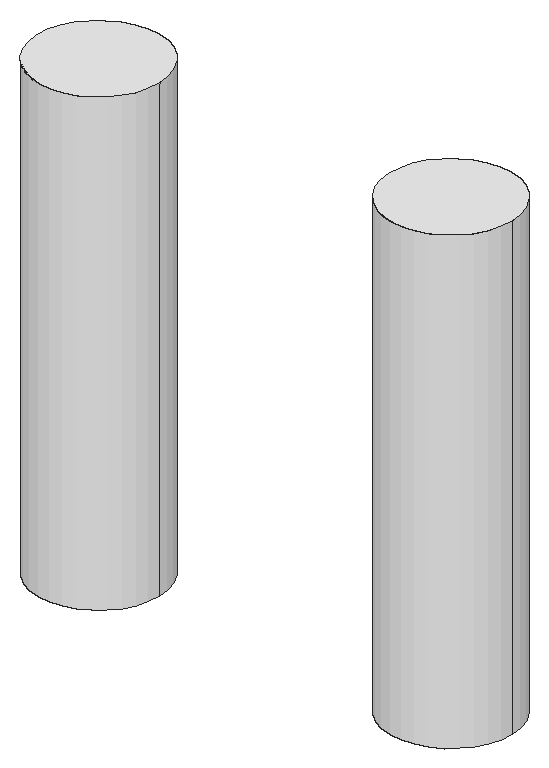
Revit family "5148229300676", category Plumbing Fixtures, Revit 2020
Family settings
  Round Connector Dimension = Use Diameter
  Part Type = Normal
  OmniClass Number = 23.45.55.00
  OmniClass Title = Sanitary Faucets, Wastes
  Work Plane-Based = No
  Always vertical = Yes
  Cut with Voids When Loaded = No
  Shared = No
  Room Calculation Point = No
Parameters (values of type "5148229300676 Kitchen faucet")
  Working Pressure = "50 - 1000 kPa"
  WarrantyStartDate [instance] = "n/a"
  WarrantyGuarantorParts = "n/a"
  WarrantyGuarantorLabor = "n/a"
  WarrantyDurationUnit = "Year"
  WarrantyDurationParts = "n/a"
  WarrantyDurationLabor = "n/a"
  WarrantyDescription = "http://warranty.hansa.com"
  Warranty Information URL = "http://warranty.hansa.com"
  VersionDate = "01/06/2023"
  Version = "1"
  ValvePattern = "n/a"
  ValveOperation = "n/a"
  ValveMechanism = "n/a"
  Uniclass2015Reference = "Pr_40_20_87_96"
  Uniclass2015Description = "Washbasin manual water supply sets"
  Uniclass2 = "Pr_40_30_96_96"
  URL REACH = "http://static.hansa.com/doc/reach"
  URL Materials Declaration = "http://www.hansa.com/fileadmin/resources/181986_5148229300676_materialsdeclaration.pdf"
  URL Environmental Product Declaration EPD = "http://www.hansa.com/fileadmin/resources/184519_EPD_Kitchen faucet.pdf"
  URL EcoLabel Declaration = "http://static.hansa.com/doc/EcoLabel"
  URL EU Packaging Declaration = "http://static.hansa.com/doc/packaging"
  URL Declaration of SCIP = "http://static.hansa.com/doc/SCIP"
  URL Declaration of Conformity = "http://static.hansa.com/DoC/5148229300676"
  URL Declaration of Asbestos = "http://static.hansa.com/doc/asbestos"
  URL Declaration Of Performance (DOP) = "http://static.hansa.com/doc/DoP"
  URL = ""
  UNSPSC Class Number = "30181700 Faucets or taps"
  Type Comments = ""
  TestPressure = "n/a"
  Temperature Adjustments = "Limitation option for maximum temperature and flow-rate ;Energy saving variation - cold water in the middle position;Adjustable hot water stop (included, retrofittable)"
  Temperature = "Temperature limiter;Temperature limiter (retrofittable)"
  Technical DataSheet URL = "http://www.hansa.com/datasheet/5148229300676/en"
  TagNumber [instance] = "n/a"
  SustainabilityPerformance = "n/a"
  Surface treatment = "Chrome"
  Spout Type = "Swivel spout;Swivel range limiting option"
  Spout Swivel Range = "120° (80° / 40°)"
  Spout Projection = "215 mm"
  Spare-Part Information URL = "http://static.hansa.com/sp/5148229300676"
  Size = "51x255x168 mm"
  Shape = "Sculptured"
  SerialNumber [instance] = "n/a"
  Sales Package dimensions (LxWxH) = "362 x 278 x 63"
  Revision = "n/a"
  ReplacementCost = "n/a"
  ProductInformation = "n/a"
  Product URL = "http://static.hansa.com/5148229300676"
  Product Image URL = "http://static.hansa.com/image/5148229300676"
  Product Family = "HANSAPOLO "
  Product Code = "5148229300676"
  OperatingMechanismMaterial = "n/a"
  NominalWidth = 51 mm
  NominalHeight = 168 mm
  NominalDepth = 255 mm
  Noise Class = "I (ISO 3822)"
  Name_en = "5148229300676 Kitchen faucet"
  Name = "5148229300676 Kitchen faucet"
  NBSReference = "45-35-70/371"
  NBSDescription = "Water supply fittings for wash basins and troughs"
  Mounting Holes = "1 hole"
  ModelReference = "5148229300676"
  ModelNumber = "n/a"
  Model = "5148229300676 Kitchen faucet"
  Mobile Product Information URL = "http://mpi.hansa.com/5148229300676"
  Mechanical Parts = "ø 35 mm ceramic eco cartridge for flow and temperature control"
  Max. Hot Water Supply = 70 °C
  Material = "Brass"
  Market = "International;Germany;Belgium;Netherlands;France;Czech Republic;Slovakia;Italy;Spain"
  ManufacturerURL = "http://www.hansa.com"
  ManufacturerName = "HANSA"
  Manufacturer = "HANSA"
  Lever Handle = "Hot/Cold symbols;Single operating lever/handle"
  Interactive AR View URL = "https://static.hansa.com/AR/5148229300676"
  InstallationDate [instance] = "n/a"
  Installation and Maintenance Guide URL = "http://static.hansa.com/manual/5148229300676"
  Installation Type = "Deck mounted"
  InletConnectionSize = 8 mm
  IfcExportType = "FAUCET"  # constant formula
  IfcExportAs = "IfcValveType"  # constant formula
  Group = "Kitchen faucet"
  Grade = "n/a"
  FlowCoefficient = 0
  Flow Rate At 300kPa = 0.2 L/s
  Flow Drawing URL = "http://static.hansa.com/flowchart/5148229300676"
  Finish = "Polished"
  Features = "Single-lever;"
  FaucetMainMaterial = Brass
  FDV Document URL = "http://www.hansa.com/datasheet/5148229300676/en/fdv"
  ExpectedLife = "n/a"
  Eco Flow At 300kPa = 0.08 L/s
  ETIM Class Number = "EC011431 Kitchen mixing tap"
  EN Standard = "EN 817"
  EAN Number = "4057304002885"
  DurationUnit = "Year"
  Dimension Drawing URL = "http://static.hansa.com/dimdrw/5148229300676"
  Description = ""
  DefaultElevation [instance] = 900 mm
  Default Elevation = 0 mm
  Constituents = "n/a"
  Connection Size = "G3/8"
  Connection = "Flexible inlet pipes"
  Color = "Chrome"
  CodePerformance = "n/a"
  CloseOffRating = 0
  Category = "Kitchen"
  Catalog Drawing URL = "http://static.hansa.com/catdrw/5148229300676"
  CO2 Emissions (D) = -5.57
  CO2 Emissions (C4) = 0.3
  CO2 Emissions (C3) = 0.02
  CO2 Emissions (C2) = 0.01
  CO2 Emissions (B7) = 1891.2
  CO2 Emissions (A4) = 0.2
  CO2 Emissions (A1-A3) = 9.86
  Brand = "HANSA"
  BodyMaterial = "Brass"
  Barcode [instance] = "n/a"
  Backflow Prevention EN1717 = "AA"
  BIMObjectName = "5148229300676(2020)"
  Author = "BIMStone"
  AssetType = "Fixed"
  AssetIdentifier [instance] = "n/a"
  Aerator = "Standard aerator"
  Advanced Features = "Inner body made of DZR brass;Rapid installation system"
  AccessibilityPerformance = "n/a"
  3D View = "https://static.hansa.com/AR/5148229300676"
  2D/3D/BIM Files URL = "http://static.hansa.com/bim/5148229300676"
Reference planes
  plane 1 "Center (Front/Back)": y = 0
  plane 2: z = 0
  plane 3 "Center (Left/Right)": x = 0
  plane 4: x = -25.5
  plane 5: z = 1068
  plane 6: z = 900
  plane 7: z = 870
  plane 8: y = -255
  plane 9: x = 25.5
Forms (mm)
  Extrusion 1, solid, material "Brass" <- "FaucetMainMaterial"
    sketch origin (0, -3, 0) x (1, 0, 0) y (0, 1, 0)
      loop
        circle (-11.5, -22.5) r 4
      loop
        circle (11.5, -22.5) r 4
    from 870 to 900
  Extrusion 2, solid, material "Brass" <- "FaucetMainMaterial", detail levels medium
    sketch origin (0, 0, 0) x (0, 1, 0) y (0, 0, 1)
      loop
        line (0, 900) -> (0, 1058.08) -> (-61.322, 1065.36) -> (-111.697, 1068)
        arc (-111.697, 1068) -> (-112.791, 1067.626) -> (-113.167, 1066.532) r 1.316
        line (-113.167, 1066.532) -> (-112.909, 1064.448)
        arc (-112.909, 1064.448) -> (-111.629, 1061.855) -> (-109.013, 1060.622) r 4.388
        line (-109.013, 1060.622) -> (-51, 1054.525) -> (-51, 993.034)
        arc (-51, 993.034) -> (-52.761, 993.574) -> (-54.465, 994.275) r 19.937
        line (-54.465, 994.275) -> (-135.431, 1032.03)
        arc (-135.431, 1032.03) -> (-162.315, 1042.283) -> (-190.393, 1048.572) r 200
        line (-190.393, 1048.572) -> (-248.818, 1057.304)
        arc (-248.818, 1057.304) -> (-251.086, 1056.882) -> (-252.314, 1054.93) r 2.875
        line (-252.314, 1054.93) -> (-255, 1037.009) -> (-252.234, 1036.594) -> (-252.899, 1032.154) -> (-229.163, 1028.596) -> (-228.347, 1034.037) -> (-193.277, 1028.781)
        arc (-193.277, 1028.781) -> (-168.045, 1023.121) -> (-143.883, 1013.904) r 180
        line (-143.883, 1013.904) -> (-51, 970.592) -> (-51, 900) -> (0, 900)
    from 25.5 to -25.5
  Extrusion 3, solid, material "Brass", detail levels coarse
    sketch origin (0, 0, 0) x (1, 0, 0) y (0, 1, 0)
      loop
        line (-25.5, 0) -> (-25.5, -255) -> (25.5, -255) -> (25.5, 0) -> (-25.5, 0)
    from 900 to 1068
Lines and regions (mm)
  symbolic lines, detail levels medium+fine
    curve 1: line (0, 0, 900) -> (0, -51, 900)
    curve 2: line (0, -51, 900) -> (0, -51, 947.5)
    curve 3: line (0, -50.702, 970.453) -> (0, -143.883, 1013.904)
    curve 4: arc (0, -143.883, 1013.904) -> (0, -168.045, 1023.121) -> (0, -193.277, 1028.781) r 180
    curve 5: line (0, -193.277, 1028.781) -> (0, -225.171, 1033.561)
    curve 6: line (0, -229.163, 1028.596) -> (0, -228.497, 1033.037)
    curve 7: line (0, -252.234, 1036.594) -> (0, -252.899, 1032.154)
    curve 8: line (0, -252.899, 1032.154) -> (0, -229.163, 1028.596)
    curve 10: line (0, -225.321, 1032.561) -> (0, -225.171, 1033.561)
    curve 11: line (0, -252.234, 1036.594) -> (0, -255, 1037.009)
    curve 12: line (0, -255, 1037.009) -> (0, -252.314, 1054.93)
    curve 13: arc (0, -252.314, 1054.93) -> (0, -251.086, 1056.882) -> (0, -248.818, 1057.304) r 2.875
    curve 14: line (0, -248.818, 1057.304) -> (0, -190.393, 1048.572)
    curve 15: arc (0, -190.393, 1048.572) -> (0, -162.315, 1042.283) -> (0, -135.431, 1032.03) r 200
    curve 16: line (0, -135.431, 1032.03) -> (0, -54.465, 994.275)
    curve 17: arc (0, -54.465, 994.275) -> (0, -52.475, 993.474) -> (0, -50.41, 992.892) r 19.937
    curve 18: line (0, -50.007, 1023.96) -> (0, -50.41, 992.892)
    curve 19: line (0, -50.702, 970.453) -> (0, -51, 947.5)
    curve 20: line (0, 0, 900) -> (0, 0, 947.5)
    curve 21: line (0, -0.993, 1023.96) -> (0, 0, 947.5)
    curve 23: line (0, -228.497, 1033.037) -> (0, -225.321, 1032.561)
    curve 24: line (0, -0.993, 1023.96) -> (0, -2.721, 1023.96)
    curve 25: line (0, -49.846, 1026.8) -> (0, -48.006, 1026.8)
    curve 27: line (0, -48.304, 1023.96) -> (0, -48.006, 1026.8)
    curve 28: arc (0, -6.504, 1035.604) -> (0, -3.769, 1030.056) -> (0, -2.721, 1023.96) r 21.584
    curve 29: line (0, -49.846, 1026.8) -> (0, -48.267, 1049.382)
    curve 30: arc (0, -48.267, 1049.382) -> (0, -49.483, 1053.016) -> (0, -52.912, 1054.725) r 5.006
    curve 31: line (0, -52.912, 1054.725) -> (0, -109.013, 1060.622)
    curve 32: arc (0, -109.013, 1060.622) -> (0, -111.629, 1061.855) -> (0, -112.909, 1064.448) r 4.388
    curve 33: line (0, -112.909, 1064.448) -> (0, -113.167, 1066.532)
    curve 34: arc (0, -113.167, 1066.532) -> (0, -112.791, 1067.626) -> (0, -111.697, 1068) r 1.316
    curve 35: line (0, -111.697, 1068) -> (0, -61.322, 1065.36)
    curve 36: line (0, -61.322, 1065.36) -> (0, -4.446, 1058.607)
    curve 37: arc (0, -4.446, 1058.607) -> (0, -3.316, 1057.974) -> (0, -2.965, 1056.728) r 1.691
    curve 38: line (0, -2.965, 1056.728) -> (0, -1.647, 1037.869)
    curve 39: line (0, -6.504, 1035.604) -> (0, -1.647, 1037.869)
    curve 41: line (0, -48.304, 1023.96) -> (0, -50.007, 1023.96)
    curve 43: line (25.5, 0, 900) -> (-25.5, 0, 900)
    curve 44: line (-25.5, 0, 900) -> (-25.5, 0, 947.56)
    curve 45: line (-25.5, 0, 947.56) -> (-24.495, 0, 1023.96)
    curve 46: line (-24.362, 0, 1026.797) -> (-22.506, 0, 1026.797)
    curve 47: line (-24.495, 0, 1023.96) -> (-22.754, 0, 1023.96)
    curve 48: line (-24.362, 0, 1026.797) -> (-21.794, 0, 1058.814)
    curve 49: arc (-21.794, 0, 1058.814) -> (-21.406, 0, 1059.899) -> (-20.524, 0, 1060.641) r 2.211
    curve 50: arc (-20.524, 0, 1060.641) -> (-18.448, 0, 1061.525) -> (-16.319, 0, 1062.269) r 33.994
    curve 51: arc (-16.319, 0, 1062.269) -> (-15.779, 0, 1062.579) -> (-15.419, 0, 1063.089) r 1.442
    curve 52: arc (-15.419, 0, 1063.089) -> (-13.815, 0, 1065.638) -> (-11.468, 0, 1067.527) r 9.139
    curve 53: arc (-11.468, 0, 1067.527) -> (-10.657, 0, 1067.864) -> (-9.789, 0, 1068) r 3.707
    curve 54: line (-9.789, 0, 1068) -> (0, 0, 1068)
    curve 55: line (-22.506, 0, 1026.797) -> (-22.754, 0, 1023.96)
    curve 59: line (25.5, 0, 900) -> (25.5, 0, 947.56)
    curve 60: line (25.5, 0, 947.56) -> (24.495, 0, 1023.96)
    curve 61: line (24.362, 0, 1026.797) -> (22.506, 0, 1026.797)
    curve 62: line (24.495, 0, 1023.96) -> (22.754, 0, 1023.96)
    curve 63: line (24.362, 0, 1026.797) -> (21.794, 0, 1058.814)
    curve 64: arc (21.794, 0, 1058.814) -> (21.406, 0, 1059.899) -> (20.524, 0, 1060.641) r 2.211
    curve 65: arc (20.524, 0, 1060.641) -> (18.448, 0, 1061.525) -> (16.319, 0, 1062.269) r 33.994
    curve 66: arc (16.319, 0, 1062.269) -> (15.779, 0, 1062.579) -> (15.419, 0, 1063.089) r 1.442
    curve 67: arc (15.419, 0, 1063.089) -> (13.815, 0, 1065.638) -> (11.468, 0, 1067.527) r 9.139
    curve 68: arc (11.468, 0, 1067.527) -> (10.657, 0, 1067.864) -> (9.789, 0, 1068) r 3.707
    curve 69: line (9.789, 0, 1068) -> (0, 0, 1068)
    curve 70: line (22.506, 0, 1026.797) -> (22.754, 0, 1023.96)
    curve 83: line (-15, -239.534, 0) -> (-15, -59.645, 0)
    curve 84: line (15, -239.534, 0) -> (15, -59.645, 0)
    curve 85: spline (-15, -239.534, 0) -> (-14.489, -243.537, 0) -> (-12.99, -247.267, 0) -> (-10.607, -250.47, 0) -> (-7.5, -252.928, 0) -> (-3.882, -254.473, 0) -> (0, -255, 0) -> (3.882, -254.473, 0) -> (7.5, -252.928, 0) -> (10.607, -250.47, 0) -> (12.99, -247.267, 0) -> (14.489, -243.537, 0) -> (15, -239.534, 0)
    curve 91: arc (-15.824, -46.935, 0) -> (-15.892, -46.144, 0) -> (-15.994, -45.357, 0) r 18.815
    curve 95: arc (15.832, -46.938, 0) -> (15.9, -46.152, 0) -> (16.001, -45.369, 0) r 18.811
    curve 96: line (-15, -59.645, 0) -> (-15.824, -46.935, 0)
    curve 97: line (15, -59.645, 0) -> (15.832, -46.938, 0)
    curve 98: arc (16.001, -45.369, 0) -> (0.021, -0.018, 0) -> (-15.994, -45.357, 0) r 25.494
  symbolic lines, detail levels fine
    curve 9: line (0, -252.234, 1036.594) -> (0, -228.497, 1033.037)
    curve 22: line (0, 0, 947.5) -> (0, -51, 947.5)
    curve 26: line (0, -25.383, 1026.8) -> (0, -6.504, 1035.604)
    curve 40: line (0, -48.006, 1026.8) -> (0, -25.383, 1026.8)
    curve 42: line (0, -2.721, 1023.96) -> (0, -48.304, 1023.96)
    curve 56: line (-15, 0, 970.474) -> (-15, 0, 1054.085)
    curve 57: line (-22.506, 0, 1026.797) -> (-15, 0, 1026.797)
    curve 58: line (-22.754, 0, 1023.96) -> (-15, 0, 1023.96)
    curve 71: line (22.506, 0, 1026.797) -> (15, 0, 1026.797)
    curve 72: line (22.754, 0, 1023.96) -> (15, 0, 1023.96)
    curve 73: line (-25.5, 0, 947.56) -> (25.5, 0, 947.56)
    curve 74: spline (-15, 0, 1054.085) -> (-14.489, 0, 1054.949) -> (-12.99, 0, 1055.755) -> (-10.607, 0, 1056.447) -> (-7.5, 0, 1056.978) -> (-3.882, 0, 1057.312) -> (0, 0, 1057.426) -> (3.882, 0, 1057.312) -> (7.5, 0, 1056.978) -> (10.607, 0, 1056.447) -> (12.99, 0, 1055.755) -> (14.489, 0, 1054.949) -> (15, 0, 1054.085)
    curve 75: arc (-13.012, 0, 968.978) -> (-14.379, 0, 969.231) -> (-15, 0, 970.474) r 1.557
    curve 76: arc (13.012, 0, 968.978) -> (14.379, 0, 969.231) -> (15, 0, 970.474) r 1.557
    curve 77: arc (-13.012, 0, 968.978) -> (0, 0, 970.816) -> (13.012, 0, 968.978) r 47.003
    curve 78: spline (11.961, 0, 1030.3) -> (11.554, 0, 1029.845) -> (10.359, 0, 1029.421) -> (8.458, 0, 1029.058) -> (5.981, 0, 1028.778) -> (3.096, 0, 1028.603) -> (0, 0, 1028.543) -> (-3.096, 0, 1028.603) -> (-5.981, 0, 1028.778) -> (-8.458, 0, 1029.058) -> (-10.359, 0, 1029.421) -> (-11.554, 0, 1029.845) -> (-11.961, 0, 1030.3) -> (-11.554, 0, 1030.754) -> (-10.359, 0, 1031.178) -> (-8.458, 0, 1031.542) -> (-5.981, 0, 1031.821) -> (-3.096, 0, 1031.997) -> (0, 0, 1032.056) -> (3.096, 0, 1031.997) -> (5.981, 0, 1031.821) -> (8.458, 0, 1031.542) -> (10.359, 0, 1031.178) -> (11.554, 0, 1030.754) -> (11.961, 0, 1030.3)
    curve 79: spline (-11.961, 0, 1034.779) -> (-11.554, 0, 1035.234) -> (-10.359, 0, 1035.658) -> (-8.458, 0, 1036.021) -> (-5.981, 0, 1036.301) -> (-3.096, 0, 1036.476) -> (0, 0, 1036.536) -> (3.096, 0, 1036.476) -> (5.981, 0, 1036.301) -> (8.458, 0, 1036.021) -> (10.359, 0, 1035.658) -> (11.554, 0, 1035.234) -> (11.961, 0, 1034.779)
    curve 80: line (-11.961, 0, 1030.3) -> (-11.961, 0, 1034.779)
    curve 81: line (11.961, 0, 1034.779) -> (11.961, 0, 1030.3)
    curve 82: spline (11.961, 0, 1033.769) -> (14.424, 0, 1034.526) -> (14.937, 0, 1035.369) -> (13.431, 0, 1036.183) -> (10.109, 0, 1036.859) -> (5.421, 0, 1037.304) -> (0, 0, 1037.46) -> (-5.421, 0, 1037.304) -> (-10.109, 0, 1036.859) -> (-13.431, 0, 1036.183) -> (-14.937, 0, 1035.369) -> (-14.424, 0, 1034.526) -> (-11.961, 0, 1033.769)
    curve 86: spline (-15, -239.534, 0) -> (-14.489, -242.782, 0) -> (-12.99, -245.808, 0) -> (-10.607, -248.407, 0) -> (-7.5, -250.401, 0) -> (-3.882, -251.655, 0) -> (0, -252.082, 0) -> (3.882, -251.655, 0) -> (7.5, -250.401, 0) -> (10.607, -248.407, 0) -> (12.99, -245.808, 0) -> (14.489, -242.782, 0) -> (15, -239.534, 0)
    curve 87: arc (19.099, -37.489, 0) -> (0, -2.95, 0) -> (-19.099, -37.489, 0) r 22.55
    curve 88: line (0, -113.165, 0) -> (-6.461, -113.165, 0)
    curve 89: arc (-6.461, -113.165, 0) -> (-10.086, -111.77, 0) -> (-11.84, -108.304, 0) r 5.407
    curve 90: line (-11.84, -108.304, 0) -> (-15, -59.645, 0)
    curve 92: line (0, -113.165, 0) -> (6.461, -113.165, 0)
    curve 93: arc (6.461, -113.165, 0) -> (10.086, -111.77, 0) -> (11.84, -108.304, 0) r 5.407
    curve 94: line (11.84, -108.304, 0) -> (15, -59.645, 0)
    curve 99: arc (-19.099, -37.489, 0) -> (-17.182, -41.279, 0) -> (-15.994, -45.357, 0) r 23.03
    curve 100: arc (19.099, -37.489, 0) -> (17.182, -41.279, 0) -> (15.994, -45.357, 0) r 23.03
    curve 101: line (15, 0, 970.474) -> (15, 0, 1054.085)
    curve 102: line (-15.779, 0, 1062.579) -> (-15.779, 0, 1058.287)
    curve 103: arc (-15.779, 0, 1058.287) -> (-15.347, 0, 1056.539) -> (-14.151, 0, 1055.193) r 3.756
    curve 104: line (15.779, 0, 1062.579) -> (15.779, 0, 1058.287)
    curve 105: arc (15.779, 0, 1058.287) -> (15.347, 0, 1056.539) -> (14.151, 0, 1055.193) r 3.756
Dimensions and locks
  "NominalHeight": plane 5 to plane 6
  "DefaultElevation": plane 6 to level
  locked: plane 6 to plane 7 at 30
  "NominalDepth": plane 8 to plane 1 "Center (Front/Back)"
  equal spacing: plane 4, plane 3 "Center (Left/Right)", plane 9
  "NominalWidth": plane 4 to plane 9
  "InletConnectionSize": diameter of Extrusion 1 sketch curve  (x2)
  aligned and locked: level to plane 2
  aligned and locked: plane 6 to Extrusion 1
  aligned and locked: Extrusion 1 to plane 7
  aligned and locked: plane 5 to Extrusion 3
  aligned and locked: Extrusion 3 to plane 6
  aligned and locked: plane 6 to import instance
Automatic sketch dimensions
  curve 88 to plane 3 "Center (Left/Right)" = 0 mm
  curve 85 to plane 3 "Center (Left/Right)" = 0 mm
  curve 87 to plane 3 "Center (Left/Right)" = 0 mm
  curve 89 to plane 3 "Center (Left/Right)" = 6.461 mm
  curve 90 to curve 89 = 5.379 mm
  plane 4 to curve 90 = 10.5 mm
  plane 4 to curve 96 = 9.676 mm
  curve 91 to plane 4 = 9.1 mm
  curve 99 to curve 91 = 4.004 mm
  plane 3 "Center (Left/Right)" to curve 98 = 0.011 mm
  plane 3 "Center (Left/Right)" to curve 93 = 6.461 mm
  curve 93 to curve 94 = 5.379 mm
  plane 9 to curve 97 = 9.668 mm
  curve 95 to plane 9 = 9.103 mm
  curve 95 to curve 100 = 4 mm
  curve 83 to plane 8 = 15.466 mm
  curve 89 to curve 90 = 4.861 mm
  curve 92 to curve 94 = 4.861 mm
  curve 89 to curve 96 = 48.659 mm
  curve 83 to curve 94 = 0 mm
  curve 83 to curve 99 = 9.911 mm
  curve 84 to curve 100 = 9.911 mm
  curve 100 to curve 95 = 1.574 mm
  curve 99 to curve 91 = 1.58 mm
  curve 84 to curve 97 = 12.706 mm
  plane 1 "Center (Front/Back)" to curve 98 = 25.512 mm
  curve 98 to curve 87 = 0.012 mm
  curve 98 to curve 96 = 0.17 mm
  curve 87 to curve 99 = 0 mm
  curve 100 to curve 95 = 0.007 mm
  plane 9 to curve 100 = 6.401 mm
  curve 87 to curve 100 = 0 mm
  curve 95 to curve 100 = 0.012 mm
  Extrusion 3 sketch curve to plane 4 = 0 mm
  plane 8 to Extrusion 3 sketch curve = 0 mm
  Extrusion 3 sketch curve to plane 9 = 0 mm
  plane 1 "Center (Front/Back)" to Extrusion 3 sketch curve = 0 mm
  curve 11 to plane 8 = 0 mm
  curve 34 to plane 5 = 0 mm
  curve 1 to plane 6 = 0 mm
  curve 20 to plane 1 "Center (Front/Back)" = 0 mm
  curve 8 to plane 8 = 2.101 mm
  curve 12 to plane 8 = 2.686 mm
  curve 7 to plane 8 = 2.766 mm
  curve 13 to curve 13 = 2.844 mm
  curve 13 to curve 14 = 0.652 mm
  curve 7 to curve 8 = 23.737 mm
  curve 6 to curve 23 = 3.177 mm
  curve 10 to curve 10 = 0.15 mm
  curve 4 to plane 8 = 35.045 mm
  curve 4 to curve 15 = 0 mm
  curve 5 to curve 5 = 31.894 mm
  curve 14 to plane 5 = 19.428 mm
  curve 5 to curve 14 = 2.884 mm
  curve 3 to plane 5 = 54.096 mm
  curve 4 to curve 3 = 49.394 mm
  curve 16 to plane 5 = 35.97 mm
  curve 4 to curve 16 = 8.452 mm
  curve 33 to plane 5 = 1.468 mm
  curve 15 to curve 33 = 22.264 mm
  curve 33 to plane 5 = 3.552 mm
  curve 33 to curve 33 = 0.258 mm
  curve 34 to plane 5 = 1.306 mm
  curve 33 to curve 34 = 1.306 mm
  curve 31 to plane 5 = 7.378 mm
  curve 32 to curve 31 = 3.897 mm
  curve 32 to plane 5 = 3.014 mm
  curve 36 to plane 5 = 2.64 mm
  curve 32 to curve 36 = 47.232 mm
  plane 1 "Center (Front/Back)" to curve 16 = 54.465 mm
  curve 35 to curve 30 = 8.061 mm
  curve 31 to plane 5 = 13.275 mm
  curve 30 to curve 31 = 0.349 mm
  curve 17 to curve 22 = 3.465 mm
  curve 2 to curve 19 = 0.298 mm
  curve 16 to curve 18 = 4.054 mm
  curve 30 to curve 41 = 3.254 mm
  curve 18 to curve 25 = 0.161 mm
  curve 18 to curve 42 = 1.703 mm
  curve 29 to plane 5 = 18.618 mm
  curve 30 to curve 29 = 4.994 mm
  curve 25 to curve 25 = 1.841 mm
  curve 27 to curve 17 = 2.265 mm
  curve 25 to curve 26 = 22.622 mm
  curve 26 to curve 28 = 1.086 mm
  plane 1 "Center (Front/Back)" to curve 39 = 6.504 mm
  plane 1 "Center (Front/Back)" to curve 37 = 4.645 mm
  curve 37 to curve 36 = 0.199 mm
  curve 37 to curve 38 = 1.68 mm
  plane 1 "Center (Front/Back)" to curve 24 = 2.721 mm
  plane 1 "Center (Front/Back)" to curve 39 = 1.647 mm
  plane 1 "Center (Front/Back)" to curve 21 = 0.993 mm
  curve 15 to curve 4 = 0 mm
  plane 6 to curve 22 = 47.5 mm
  curve 2 to curve 3 = 22.953 mm
  curve 3 to curve 18 = 22.439 mm
  curve 17 to curve 16 = 1.383 mm
  curve 17 to curve 28 = 11.042 mm
  curve 17 to curve 27 = 11.616 mm
  curve 28 to curve 26 = 3.414 mm
  curve 8 to curve 5 = 0.185 mm
  curve 26 to curve 39 = 2.265 mm
  curve 13 to curve 13 = 0.426 mm
  curve 38 to plane 5 = 11.272 mm
  curve 38 to curve 37 = 0.199 mm
  curve 43 to plane 4 = 0 mm
  curve 54 to plane 5 = 0 mm
  curve 54 to plane 3 "Center (Left/Right)" = 0 mm
  curve 79 to plane 3 "Center (Left/Right)" = 0 mm
  curve 74 to plane 3 "Center (Left/Right)" = 0 mm
  curve 77 to plane 3 "Center (Left/Right)" = 0 mm
  curve 82 to plane 3 "Center (Left/Right)" = 0 mm
  plane 9 to curve 73 = 0 mm
  curve 43 to plane 6 = 0 mm
  plane 4 to curve 45 = 1.005 mm
  plane 4 to curve 46 = 1.138 mm
  curve 45 to curve 47 = 1.74 mm
  curve 46 to curve 57 = 1.856 mm
  plane 4 to curve 48 = 3.706 mm
  curve 49 to curve 49 = 2.203 mm
  curve 49 to curve 51 = 2.841 mm
  curve 49 to curve 102 = 3.812 mm
  plane 4 to curve 56 = 10.5 mm
  curve 56 to curve 75 = 1.557 mm
  curve 102 to curve 103 = 3.756 mm
  curve 57 to curve 80 = 3.039 mm
  curve 102 to curve 54 = 5.99 mm
  curve 53 to curve 53 = 0.137 mm
  curve 103 to curve 52 = 5.034 mm
  curve 80 to curve 50 = 5.785 mm
  curve 65 to curve 78 = 5.785 mm
  plane 3 "Center (Left/Right)" to curve 67 = 6.989 mm
  curve 67 to curve 68 = 2.662 mm
  curve 68 to curve 69 = 0.137 mm
  curve 105 to curve 101 = 2.977 mm
  curve 76 to curve 76 = 1.557 mm
  curve 105 to curve 104 = 3.756 mm
  curve 104 to curve 66 = 0.971 mm
  curve 104 to curve 64 = 3.812 mm
  curve 64 to curve 63 = 2.203 mm
  plane 9 to curve 61 = 2.994 mm
  plane 9 to curve 62 = 2.746 mm
  plane 9 to curve 61 = 1.138 mm
  plane 9 to curve 62 = 1.005 mm
  plane 6 to curve 77 = 23.813 mm
  curve 77 to curve 45 = 23.747 mm
  curve 59 to curve 76 = 22.914 mm
  curve 44 to curve 75 = 22.914 mm
  curve 47 to plane 5 = 44.04 mm
  curve 62 to curve 58 = 0 mm
  curve 47 to curve 57 = 2.837 mm
  curve 62 to curve 71 = 2.837 mm
  curve 71 to curve 65 = 3.026 mm
  curve 57 to curve 50 = 3.026 mm
  curve 65 to curve 81 = 4.956 mm
  curve 101 to plane 5 = 13.915 mm
  curve 101 to curve 105 = 4.203 mm
  curve 74 to curve 103 = 4.203 mm
  curve 102 to curve 49 = 0.35 mm
  curve 104 to curve 64 = 0.35 mm
  curve 64 to curve 63 = 0.177 mm
  curve 49 to curve 48 = 0.177 mm
  curve 105 to curve 67 = 1.274 mm
  curve 103 to curve 52 = 1.274 mm
  curve 66 to plane 5 = 4.355 mm
  curve 51 to plane 5 = 4.355 mm
  curve 53 to plane 5 = 3.705 mm
  curve 68 to plane 5 = 3.705 mm
  curve 50 to curve 49 = 0 mm
  curve 51 to curve 50 = 0 mm
  curve 52 to curve 51 = 0 mm
  curve 74 to curve 103 = 0.849 mm
  curve 77 to curve 75 = 0 mm
  curve 67 to curve 68 = 0 mm
  curve 79 to curve 82 = 3.039 mm
  curve 66 to curve 67 = 0 mm
  curve 65 to curve 66 = 0 mm
  curve 81 to curve 79 = 4.48 mm
  curve 80 to curve 79 = 4.48 mm
  curve 78 to curve 79 = 4.48 mm
  curve 82 to curve 79 = 1.01 mm
  curve 79 to curve 82 = 0.379 mm
  Extrusion 2 sketch curve to plane 8 = 0 mm
  Extrusion 2 sketch curve to plane 5 = 0 mm
  Extrusion 2 sketch curve to plane 6 = 0 mm
  Extrusion 2 sketch curve to plane 1 "Center (Front/Back)" = 0 mm
  Extrusion 2 sketch curve to plane 8 = 2.101 mm
  Extrusion 2 sketch curve to plane 8 = 2.686 mm
  Extrusion 2 sketch curve to plane 8 = 2.766 mm
  Extrusion 2 sketch curve to Extrusion 2 sketch curve = 2.844 mm
  Extrusion 2 sketch curve to Extrusion 2 sketch curve = 0.652 mm
  Extrusion 2 sketch curve to Extrusion 2 sketch curve = 23.737 mm
  Extrusion 2 sketch curve to Extrusion 2 sketch curve = 0.815 mm
  Extrusion 2 sketch curve to plane 8 = 35.045 mm
  Extrusion 2 sketch curve to Extrusion 2 sketch curve = 0 mm  (x2)
  Extrusion 2 sketch curve to Extrusion 2 sketch curve = 35.07 mm
  Extrusion 2 sketch curve to plane 5 = 19.428 mm
  Extrusion 2 sketch curve to Extrusion 2 sketch curve = 2.884 mm
  Extrusion 2 sketch curve to plane 5 = 54.096 mm
  Extrusion 2 sketch curve to Extrusion 2 sketch curve = 49.394 mm
  Extrusion 2 sketch curve to plane 5 = 35.97 mm
  Extrusion 2 sketch curve to Extrusion 2 sketch curve = 8.452 mm
  Extrusion 2 sketch curve to plane 5 = 1.468 mm
  Extrusion 2 sketch curve to Extrusion 2 sketch curve = 22.264 mm
  Extrusion 2 sketch curve to plane 5 = 3.552 mm
  Extrusion 2 sketch curve to Extrusion 2 sketch curve = 0.258 mm
  Extrusion 2 sketch curve to Extrusion 2 sketch curve = 1.306 mm
  Extrusion 2 sketch curve to Extrusion 2 sketch curve = 0.164 mm
  Extrusion 2 sketch curve to plane 5 = 7.378 mm
  Extrusion 2 sketch curve to Extrusion 2 sketch curve = 3.897 mm
  Extrusion 2 sketch curve to plane 5 = 3.014 mm
  Extrusion 2 sketch curve to plane 5 = 2.64 mm
  Extrusion 2 sketch curve to Extrusion 2 sketch curve = 47.232 mm
  plane 1 "Center (Front/Back)" to Extrusion 2 sketch curve = 54.465 mm
  plane 1 "Center (Front/Back)" to Extrusion 2 sketch curve = 51 mm
  Extrusion 2 sketch curve to Extrusion 2 sketch curve = 10.322 mm
  Extrusion 2 sketch curve to Extrusion 2 sketch curve = 8.426 mm
  Extrusion 2 sketch curve to Extrusion 2 sketch curve = 70.592 mm
  Extrusion 2 sketch curve to Extrusion 2 sketch curve = 22.442 mm
  Extrusion 2 sketch curve to Extrusion 2 sketch curve = 1.241 mm
  Extrusion 2 sketch curve to Extrusion 2 sketch curve = 0.185 mm
  Extrusion 2 sketch curve to Extrusion 2 sketch curve = 0.426 mm
  Extrusion 2 sketch curve to plane 5 = 13.475 mm
  Extrusion 2 sketch curve to plane 5 = 9.92 mm
  Extrusion 1 sketch curve to plane 3 "Center (Left/Right)" = 11.5 mm
  plane 3 "Center (Left/Right)" to Extrusion 1 sketch curve = 11.5 mm
  plane 1 "Center (Front/Back)" to Extrusion 1 sketch curve = 25.5 mm  (x2)
Nested families
  nested 1: "Symbol" at (0, 0, 0), type "Symbol", detail levels coarse
Connectors
  piping at (-11.5, -25.5, 870), diameter 8, driven by "InletConnectionSize"
    settings: on Extrusion 1, index 1, connector inside diameter 609.6 mm, connector length 0 mm, flow factor 0, pipe flow 0.2 L/s, pressure drop 0.0 Pa, fitting loss kfactor 0, connector angle 0.00°, fixture units 0, engagement length 0 mm, angle of deflection 0.00°, flow configuration 1, flow direction 1, fitting loss method 0, system type 19, joint type 0, gender type 0, connector reference index -1, connector utility 0, adjustable connector no, is connector primary yes, connector description ""
  piping at (11.5, -25.5, 870), diameter 8, driven by "InletConnectionSize"
    settings: on Extrusion 1, index 2, connector inside diameter 609.6 mm, connector length 0 mm, flow factor 0, pipe flow 0.2 L/s, pressure drop 0.0 Pa, fitting loss kfactor 0, connector angle 0.00°, fixture units 0, engagement length 0 mm, angle of deflection 0.00°, flow configuration 1, flow direction 1, fitting loss method 0, system type 20, joint type 0, gender type 0, connector reference index -1, connector utility 0, adjustable connector no, is connector primary no, connector description ""
Definition of nested family "Symbol"
  Reference planes
    plane 1: y = 0
    plane 2: x = 0
  Lines and regions (mm)
    detail lines
      curve 1: line (0, 0, 0) -> (0, -1.8, 0)
      curve 2: line (-0.4, -1.1, 0) -> (0.4, -1.1, 0)
      curve 3: line (-0.4, -1.4, 0) -> (0.4, -1.4, 0)
      curve 4: line (0.863, 0, 0) -> (-0.863, 0, 0)
      curve 5: circle (-1.163, 0, 0) r 0.3 normal (0, 0, -1)
      curve 6: circle (1.163, 0, 0) r 0.3 normal (0, 0, 1)
